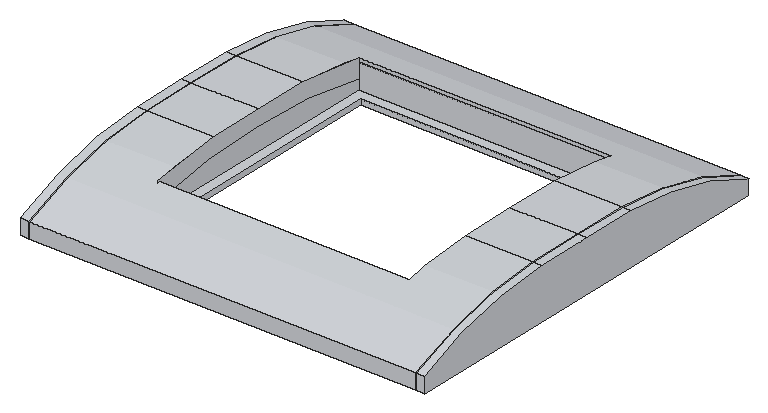
Revit family "Gira_0211395", category Electrical Fixtures, host Face, Revit 2017
Family settings
  Host = Face
  Maintain Annotation Orientation = No
  Round Connector Dimension = Use Diameter
  Part Type = Normal
  Cut with Voids When Loaded = No
  Shared = No
  Room Calculation Point = No
Parameters (values of type "Abdeckrahmen 1f Zwischenr. RW Gira Event Opak Mint")
  Werkstoffgüte = "Thermoplast"
  Werkstoff = "Kunststoff"
  URL = "http://katalog.gira.de/de_DE/datenblatt.html?artikelnr=0211395"
  Transparent = "No"
  Textfeld/Beschriftungsfläche = "No"
  Schutzart (IP) = "IP20"
  Region = "DE"
  Oberfläche = "sonstige"
  Name = "Abdeckrahmen 1f Zwischenr. RW Gira Event Opak Mint"
  Montagerichtung = "horizontal und vertikal"
  Mit Montagerahmen = "No"
  Mit Klappdeckel = "No"
  Manufacturer URL = "https://www.gira.de/"
  Keynote = "Event_Rahmen_1fach"
  HeinzeBIM = "https://bimportal.heinze.de/bim/abdeckrahmen-1f-zwischenr-rw-gira-event-opak-mint/3801ba38ea8923e1e82b22266a210e166b19ed8b"
  Halogenfrei = "Yes"
  HAN = "0211395"
  Geeignet für Unterputz-Installation = "Yes"
  Geeignet für Unterflurkanaldose = "No"
  Geeignet für Geräteeinbaukanal = "No"
  Geeignet für Einbauinstallation = "No"
  GTIN = "4010337074434"
  Farbe = "sonstige"
  Default Elevation = 1219.2 mm
  Data sheet (1) = "https://katalog.gira.de/de_DE/download.html?artikelnr=0211395"
  Category = "Abdeckrahmen"
  Befestigungsart = "Klemm-/Schraubbefestigung"
  Available = "Yes"
  Anzahl der Einheiten vertikal = "1 "
  Anzahl der Einheiten horizontal = "1 "
  Anzahl der Einheiten = "1 "
Reference planes
  plane 1 "Center (Front/Back)": y = 0
  plane 2: z = 0
  plane 3 "Center (Left/Right)": x = 0
Forms (mm)
  Extrusion 1, solid, detail levels fine
    sketch origin (0, 0, 1.55) x (0, 1, 0) y (0, 0, 1)
      loop
        arc (12.445, 9.683) -> (6.223, 9.833) -> (0, 9.85) r 291.636
        arc (0, 9.85) -> (-6.223, 9.833) -> (-12.445, 9.683) r 291.636
        arc (-12.445, 9.683) -> (-29.14, 7.482) -> (-45, 1.823) r 79.728
        line (-45, 1.823) -> (-45, -1.55) -> (-41.777, -1.55) -> (-41.777, -0.55)
        arc (-41.777, -0.55) -> (-21.205, 4.846) -> (0, 6.467) r 118.15
        arc (0, 6.467) -> (21.205, 4.846) -> (41.777, -0.55) r 118.15
        line (41.777, -0.55) -> (41.777, -1.55) -> (45, -1.55) -> (45, 1.823)
        arc (45, 1.823) -> (29.14, 7.482) -> (12.445, 9.683) r 79.728
    from -43 to 43
  Extrusion 2, void, detail levels fine
    sketch origin (0, 0, 0) x (1, 0, 0) y (0, 1, 0)
      loop
        line (-28, -28) -> (28, -28) -> (28, 28) -> (-28, 28) -> (-28, -28)
    from 2.85 to 12
  Extrusion 3, solid, detail levels coarse
    sketch origin (0, 0, 0) x (1, 0, 0) y (0, 1, 0)
      loop
        line (-45, 45) -> (-45, -45) -> (45, -45) -> (45, 45) -> (-45, 45)
    from 0 to 11.4
  Extrusion 4, solid, detail levels medium
    sketch origin (0, 0, 1.55) x (0, 1, 0) y (0, 0, 1)
      loop
        arc (12.445, 9.683) -> (6.223, 9.833) -> (0, 9.85) r 291.636
        arc (0, 9.85) -> (-6.223, 9.833) -> (-12.445, 9.683) r 291.636
        arc (-12.445, 9.683) -> (-29.14, 7.482) -> (-45, 1.823) r 79.728
        line (-45, 1.823) -> (-45, -1.55) -> (45, -1.55) -> (45, 1.823)
        arc (45, 1.823) -> (29.14, 7.482) -> (12.445, 9.683) r 79.728
    from -45 to 45
  Extrusion 5, solid, detail levels fine
    sketch origin (0, 0, 0) x (0, 1, 0) y (0, 0, 1)
      loop
        arc (45, 3.373) -> (29.14, 9.032) -> (12.445, 11.233) r 79.728
        arc (12.445, 11.233) -> (6.223, 11.383) -> (0, 11.4) r 291.636
        arc (0, 11.4) -> (-6.223, 11.383) -> (-12.445, 11.233) r 291.636
        arc (-12.445, 11.233) -> (-29.14, 9.032) -> (-45, 3.373) r 79.728
        line (-45, 3.373) -> (-45, 0) -> (45, 0) -> (45, 3.373)
    from 43 to 45
  Extrusion 6, solid, detail levels fine
    sketch origin (0, 0, 0) x (0, 1, 0) y (0, 0, -1)
      loop
        line (45, -3.373) -> (45, 0) -> (-45, 0) -> (-45, -3.373)
        arc (-45, -3.373) -> (-29.14, -9.032) -> (-12.445, -11.233) r 79.728
        arc (-12.445, -11.233) -> (-6.223, -11.383) -> (0, -11.4) r 291.636
        arc (0, -11.4) -> (6.223, -11.383) -> (12.445, -11.233) r 291.636
        arc (12.445, -11.233) -> (29.14, -9.032) -> (45, -3.373) r 79.728
    from 43 to 45
  Extrusion 7, solid, detail levels fine
    sketch origin (0, 0, 0) x (1, 0, 0) y (0, 1, 0)
      loop
        line (-25.7, 25.7) -> (-25.7, -25.7) -> (25.7, -25.7) -> (25.7, 25.7) -> (-25.7, 25.7)
      loop
        line (-29.495, 27.895) -> (-29.495, -27.895)
        spline (-29.495, -27.895) -> (-29.486, -28.025) -> (-29.461, -28.154) -> (-29.419, -28.278) -> (-29.361, -28.395) -> (-29.288, -28.504) -> (-29.202, -28.602) -> (-29.104, -28.688) -> (-28.995, -28.761) -> (-28.878, -28.819) -> (-28.754, -28.861) -> (-28.625, -28.886) -> (-28.495, -28.895)
        line (-28.495, -28.895) -> (28.495, -28.895)
        spline (28.495, -28.895) -> (28.625, -28.886) -> (28.754, -28.861) -> (28.878, -28.819) -> (28.995, -28.761) -> (29.104, -28.688) -> (29.202, -28.602) -> (29.288, -28.504) -> (29.361, -28.395) -> (29.419, -28.278) -> (29.461, -28.154) -> (29.486, -28.025) -> (29.495, -27.895)
        line (29.495, -27.895) -> (29.495, 27.895)
        spline (29.495, 27.895) -> (29.486, 28.025) -> (29.461, 28.154) -> (29.419, 28.278) -> (29.361, 28.395) -> (29.288, 28.504) -> (29.202, 28.602) -> (29.104, 28.688) -> (28.995, 28.761) -> (28.878, 28.819) -> (28.754, 28.861) -> (28.625, 28.886) -> (28.495, 28.895)
        line (28.495, 28.895) -> (-28.495, 28.895)
        spline (-28.495, 28.895) -> (-28.625, 28.886) -> (-28.754, 28.861) -> (-28.878, 28.819) -> (-28.995, 28.761) -> (-29.104, 28.688) -> (-29.202, 28.602) -> (-29.288, 28.504) -> (-29.361, 28.395) -> (-29.419, 28.278) -> (-29.461, 28.154) -> (-29.486, 28.025) -> (-29.495, 27.895)
    from 1.673 to 8.5
Cuts and joins
  Extrusion 2 cuts Extrusion 1
  Extrusion 2 cuts Extrusion 7
Dimensions and locks
  aligned and locked: plane 2 to host face
  aligned and locked: level to host face
